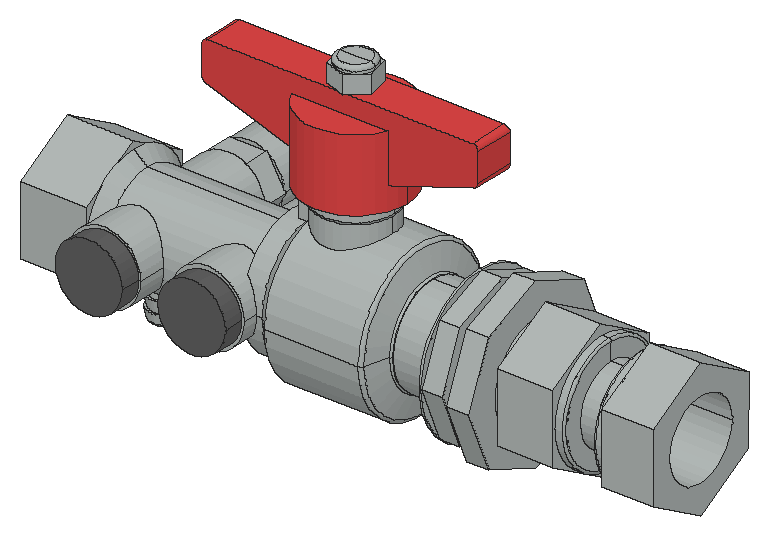
Revit family "QS25290000", category Apparecchi idraulici, Revit 2020
Family settings
  Quota connettore circolare = Usa diametro
  Tipo di parte = Normale
  Numero OmniClass = 23.45.00.00
  Titolo OmniClass = Sanitary, Laundry, and Cleaning Equipment
  Basato su piano di lavoro = No
  Sempre verticale = Sì
  Taglio con vuoti quando caricato = No
  Condiviso = No
  Punto di calcolo locali = No
Parameters
  URL = "https://web.cimberio.it/index.php/figura/524?subcategoria_id=43717"
  Temperatura di esercizio = "-20 ÷ 90°C"
  Prospetto di default = 0 mm
  Produttore = "CIMBERIO SPA"
  Pressione nominale = "PN 16"
  Modello = "Cim 496"
  Materiale = "Prodotto in lega di ottone conforme alla norma EN 12165-CW617N-DW"
  Descrizione = "Utilizzato nei più svariati settori dell'impiantistica: reti di distribuzione acqua potabile, impianti di riscaldamento, condizionamento, igienico-sanitari e in generale con ogni fluido non corrosivo"
  DN Model [instance] = QS25292079 : QS25292079
  DN [instance] = 20 mm
  Commenti sul tipo = "Realizzato in ottemperanza ai requisiti gestionali della norma EN ISO 9001. Collaudato al 100% secondo la normativa EN 12266-1"
Reference planes
  plane 1 "Centro (Fronte/Retro)": y = 0
  plane 2: z = 0
  plane 3 "Centro (Sinistra/Destra)": x = 0
Dimensions and locks
  aligned and locked: level to plane 2
Nested families
  nested 1: "QS25292079" at (0, 0, 0), type <- "DN Model", type "QS25292079"
  nested 2: "QS25292079" at (0, 0, 0), type <- "DN Model", type "QS25292079"
Connectors
  piping at (87.4, 0, 0), diameter 20, driven by "DN"
    settings: on nested 1, index 1, connector inside diameter 609.6 mm, connector length 0 mm, flow factor 0, pipe flow 0.0 L/s, pressure drop 0.0 Pa, fitting loss kfactor 0, connector angle 0.00°, fixture units 0, engagement length 0 mm, angle of deflection 0.00°, flow configuration 0, flow direction 0, fitting loss method 0, system type 7, joint type 0, gender type 0, connector reference index -1, connector utility 0, adjustable connector no, is connector primary yes, connector description ""
  piping at (-73, 0, 0), diameter 20, driven by "DN"
    settings: on nested 1, index 2, connector inside diameter 609.6 mm, connector length 0 mm, flow factor 0, pipe flow 0.0 L/s, pressure drop 0.0 Pa, fitting loss kfactor 0, connector angle 0.00°, fixture units 0, engagement length 0 mm, angle of deflection 0.00°, flow configuration 0, flow direction 0, fitting loss method 0, system type 7, joint type 0, gender type 0, connector reference index -1, connector utility 0, adjustable connector no, is connector primary no, connector description ""
Definition of nested family "QS25292079"
  Parameters (values of type "QS25292079")
    Default Elevation = 0 mm
  Reference planes
    plane 1 "Centro (Fronte/Retro)": y = 0
    plane 2: z = 0
    plane 3 "Centro (Sinistra/Destra)": x = 0
  Forms (mm)
    Revolve 1, solid
      sketch origin (0, 0, 0) x (1, 0, 0) y (0, 1, 0)
        loop
          line (-16.002, 10) -> (17.609, 10) -> (19.375, 10) -> (19.375, 12.5)
          arc (19.375, 12.5) -> (18.97, 12.58) -> (18.678, 12.871) r 0.715
          line (18.678, 12.871) -> (17.1, 18.759)
          arc (17.1, 18.759) -> (16.743, 19.293) -> (16.134, 19.5) r 1
          line (16.134, 19.5) -> (-7.6, 19.5) -> (-11, 16.1) -> (-16.002, 16.1) -> (-16.002, 10)
        axis (-16.002, 0) -> (19.375, 0)
      angle from 0 to 360
    Extrusion 2, solid
      sketch origin (0, 0, 0) x (0, 1, 0) y (0, 0, 1)
        loop
          circle (0, 0) r 10
        loop
          line (0, 17.35) -> (-15.026, 8.675) -> (-15.026, -8.675) -> (0, -17.35) -> (15.026, -8.675) -> (15.026, 8.675) -> (0, 17.35)
      from -73 to -56.174
    Revolve 3, solid
      sketch origin (0, 0, 0) x (1, 0, 0) y (0, 0, 1)
        loop
          line (19.375, 10) -> (31.795, 10) -> (31.795, 19.029)
          arc (31.795, 19.029) -> (31.337, 18.973) -> (31.001, 18.658) r 0.743
          line (31.001, 18.658) -> (29.358, 12.529) -> (19.375, 12.529) -> (19.375, 10)
        axis (19.375, 0) -> (31.795, 0)
      angle from 0 to 360
    Extrusion 4, solid
      sketch origin (0, 0, 0) x (0, 1, 0) y (0, 0, 1)
        loop
          circle (0, 0) r 10
        loop
          line (0, 19) -> (-13.435, 13.435) -> (-19, 0) -> (-13.435, -13.435) -> (0, -19) -> (13.435, -13.435) -> (19, 0) -> (13.435, 13.435) -> (0, 19)
      from 31.795 to 37.1
    Extrusion 5, solid
      sketch origin (0, 0, 0) x (0, 1, 0) y (0, 0, 1)
        loop
          circle (0, 0) r 10
        loop
          line (0, 17.35) -> (-15.026, 8.675) -> (-15.026, -8.675) -> (0, -17.35) -> (15.026, -8.675) -> (15.026, 8.675) -> (0, 17.35)
      from 74.4 to 87.4
    Revolve 6, solid
      sketch origin (0, 0, 0) x (1, 0, 0) y (0, 0, 1)
        loop
          line (0, 31.3) -> (-9.887, 31.3) -> (-9.887, 24)
          arc (-9.887, 24) -> (-9.744, 23.606) -> (-9.381, 23.397) r 0.612
          line (-9.381, 23.397) -> (-9.381, 12.734) -> (0, 12.734) -> (0, 31.3)
        axis (0, 31.3) -> (0, 12.734)
      angle from 0 to 360
    Extrusion 7, solid
      sketch origin (0, 0, 0) x (1, 0, 0) y (0, 0, 1)
        loop
          line (-15, 31.3) -> (-15, 24) -> (-13, 22.845) -> (-13, 12.845) -> (-7.035, 12.845) -> (-7.035, 31.3) -> (-15, 31.3)
      from 0 to 1.981
    Revolve 8, solid
      sketch origin (0, 0, 0.625) x (1, 0, 0) y (0, 0, 1)
        loop
          line (0, 32.8) -> (-8.3, 32.8) -> (-8.3, 31.3) -> (0, 31.3) -> (0, 32.8)
        axis (0, 32.8) -> (0, 31.3)
      angle from 0 to 360
    Revolve 9, solid
      sketch origin (0, 0, 0.625) x (1, 0, 0) y (0, 0, 1)
        loop
          line (10.545, 26.8) -> (13.134, 26.8) -> (13.134, 45.125) -> (0, 45.125) -> (0, 37.89) -> (10.545, 37.89) -> (10.545, 26.8)
        axis (0, 45.125) -> (0, 26.8)
      angle from 0 to 360
    Extrusion 10, solid
      sketch origin (0, 0, 0.625) x (1, 0, 0) y (0, 0, 1)
        loop
          arc (-35, 41.227) -> (-34.714, 40.345) -> (-33.964, 39.8) r 1.5
          line (-33.964, 39.8) -> (-13.136, 33.033) -> (13.136, 33.033) -> (33.964, 39.8)
          arc (33.964, 39.8) -> (34.714, 40.345) -> (35, 41.227) r 1.5
          line (35, 41.227) -> (35, 48.3)
          arc (35, 48.3) -> (34.561, 49.361) -> (33.5, 49.8) r 1.5
          line (33.5, 49.8) -> (-33.5, 49.8)
          arc (-33.5, 49.8) -> (-34.561, 49.361) -> (-35, 48.3) r 1.5
          line (-35, 48.3) -> (-35, 41.227)
      from -5 to 5
    Extrusion 11, solid
      sketch origin (0, 0, 0.625) x (0.878531, -0.477685, 0) y (0.477685, 0.878531, 0)
        loop
          line (1.88, 5.461) -> (-3.789, 4.359) -> (-5.669, -1.102) -> (-1.88, -5.461) -> (3.789, -4.359) -> (5.669, 1.102) -> (1.88, 5.461)
      from 49.8 to 54.3
    Revolve 12, solid
      sketch origin (0, 0, 0.625) x (1, 0, 0) y (0, 0, 1)
        loop
          line (3.75, 55.8) -> (0, 55.8) -> (0, 53.912) -> (4.75, 53.912) -> (4.75, 54.8)
          arc (4.75, 54.8) -> (4.457, 55.507) -> (3.75, 55.8) r 1
        axis (0, 55.8) -> (0, 53.912)
      angle from 0 to 360
    Revolve 13, solid
      sketch origin (0, 0, 0) x (1, 0, 0) y (0, 0, 1)
        loop
          line (37.1, 10) -> (40.1, 10) -> (40.1, 16.529) -> (38.6, 16.529) -> (38.6, 13.154) -> (37.1, 13.154) -> (37.1, 10)
        axis (37.1, 0) -> (40.1, 0)
      angle from 0 to 360
    Extrusion 14, solid
      sketch origin (0, 0, 0) x (0, 1, 0) y (0, 0, 1)
        loop
          circle (0, 0) r 10
        loop
          line (0, 21.25) -> (-15.026, 15.026) -> (-21.25, 0) -> (-15.026, -15.026) -> (0, -21.25) -> (15.026, -15.026) -> (21.25, 0) -> (15.026, 15.026) -> (0, 21.25)
      from 40.1 to 45.6
    Revolve 15, solid
      sketch origin (0, 0, 0) x (1, 0, 0) y (0, 0, 1)
        loop
          line (-56.174, 10) -> (-16.002, 10) -> (-16.002, 13.498)
          arc (-16.002, 13.498) -> (-16.294, 12.792) -> (-17, 12.5) r 0.998
          line (-17, 12.5) -> (-53, 12.5) -> (-56.174, 15.674) -> (-56.174, 10)
        axis (-56.174, 0) -> (-16.002, 0)
      angle from 0 to 360
    Revolve 16, solid
      sketch origin (0, 0, 0) x (1, 0, 0) y (0, 0, 1)
        loop
          line (45.6, 10) -> (48.06, 10) -> (48.06, 13.125) -> (45.6, 13.125) -> (45.6, 10)
        axis (45.6, 0) -> (48.06, 0)
      angle from 0 to 360
    Extrusion 17, solid
      sketch origin (0, 0, 0) x (0, 1, 0) y (0, 0, 1)
        loop
          circle (0, 0) r 10
        loop
          line (0, 17.4) -> (-15.069, 8.7) -> (-15.069, -8.7) -> (0, -17.4) -> (15.069, -8.7) -> (15.069, 8.7) -> (0, 17.4)
      from 48.06 to 62.06
    Revolve 18, solid
      sketch origin (0, 0, 0) x (1, 0, 0) y (0, 0, 1)
        loop
          line (62.06, 8.257) -> (74.4, 8.257) -> (74.4, 14.75) -> (72.54, 14.75)
          arc (72.54, 14.75) -> (72.141, 14.601) -> (71.9, 14.25) r 0.705
          line (71.9, 14.25) -> (71.9, 10.567) -> (68.85, 9.75) -> (64.56, 9.75) -> (64.56, 14.11)
          arc (64.56, 14.11) -> (64.43, 14.524) -> (64.06, 14.75) r 0.616
          line (64.06, 14.75) -> (62.06, 14.75) -> (62.06, 8.257)
        axis (62.06, 0) -> (74.4, 0)
      angle from 0 to 360
    Revolve 19, solid
      sketch origin (0, 0, 0) x (1, 0, 0) y (0, 0, 1)
        loop
          line (-48, -17) -> (-48, -20) -> (-44.806, -20)
          arc (-44.806, -20) -> (-44.388, -19.891) -> (-44.065, -19.606) r 0.931
          line (-44.065, -19.606) -> (-43.5, -17) -> (-48, -17)
        axis (-48, -20) -> (-48, -17)
      angle from 0 to 360
    Revolve 20, solid
      sketch origin (0, 0, 0) x (1, 0, 0) y (0, 0, 1)
        loop
          line (-48, -11.378) -> (-48, -14) -> (-44.15, -14) -> (-44.15, -11.378) -> (-48, -11.378)
        axis (-48, -11.378) -> (-48, -14)
      angle from 0 to 360
    Revolve 21, solid
      sketch origin (0, 0, 0) x (1, 0, 0) y (0, 0, 1)
        loop
          line (-48, -14) -> (-48, -17) -> (-44.15, -17) -> (-43.5, -14) -> (-48, -14)
        axis (-48, -17) -> (-48, -14)
      angle from 0 to 360
    Extrusion 22, solid
      sketch origin (0, 0, 0) x (1, 0, 0) y (0, 0, 1)
        loop
          circle (-21.938, 0) r 9.396
        loop
          circle (-48.052, 0) r 9.181
      from -19.5 to 19.46
    Extrusion 23, solid
      sketch origin (0, 0, 0) x (1, 0, 0) y (0, 0, 1)
        loop
          circle (-48.049, 0) r 8.505
        loop
          circle (-22.013, 0) r 8.505
      from 19 to 24.465
    Extrusion 24, solid
      sketch origin (0, 0, 0) x (1, 0, 0) y (0, 0, 1)
        loop
          circle (-21.889, 0) r 8.515
      from -24.393 to -19.5
    Extrusion 25, solid
      sketch origin (-48, 0, -48) x (0, 0, -1) y (1, 0, 0)
        loop
          line (-48, -9.35) -> (-39.903, -4.675) -> (-39.903, 4.675) -> (-48, 9.35) -> (-56.097, 4.675) -> (-56.097, -4.675) -> (-48, -9.35)
      from -26 to -19.5
    Revolve 26, solid
      sketch origin (0, 0, 0) x (1, 0, 0) y (0, 1, 0)
        loop
          line (-48, 54.5) -> (-48, 26) -> (-39, 26) -> (-39, 37) -> (-41, 37)
          arc (-41, 37) -> (-40.846, 37.642) -> (-41.2, 38.2) r 0.847
          line (-41.2, 38.2) -> (-41.2, 43.883) -> (-41.7, 44.5) -> (-43.353, 44.5) -> (-43.353, 46.8) -> (-39.6, 46.8) -> (-39.6, 52.5)
          arc (-39.6, 52.5) -> (-40.186, 53.914) -> (-41.6, 54.5) r 2
          line (-41.6, 54.5) -> (-48, 54.5)
        axis (-48, 54.5) -> (-48, 26)
      angle from 0 to 360
  Dimensions and locks
    aligned and locked: level to plane 2
